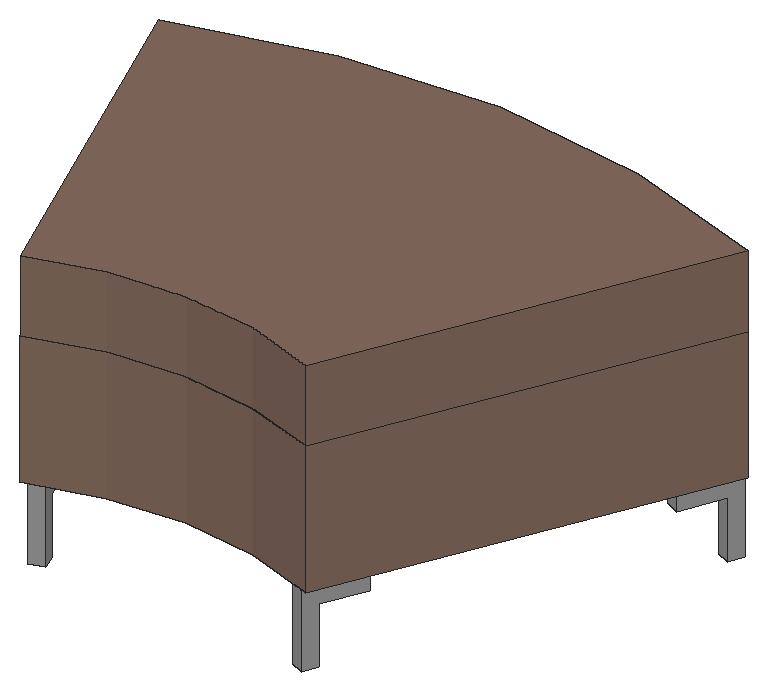
Revit family "Furniture_Chair_Abaco 761", category Furniture, Revit 2019
Family settings
  OmniClass Number = 23.21.23.15.17
  Work Plane-Based = Yes
  Always vertical = No
  Cut with Voids When Loaded = No
  Shared = No
  Room Calculation Point = No
Parameters (values of type "ABACO 761")
  Youtube clip = ""
  Uniformat II Description = "Movable Furnishings"
  Uniformat II Code = ""
  Uniclass 2015 Name = ""
  Uniclass 2015 Code = ""
  Uniclass 2.0 Description = ""
  Uniclass 2.0 Code = ""
  Uniclass 1.4 Description = ""
  Uniclass 1.4 Code = ""
  UNSPSC Code = ""
  Technical description = ""
  Shell Material = Leather - Percentage AK016
  Frame Material = Titanium
  Region South America = "All"
  Region Oceania = "All"
  Region North America = "All"
  Region Middle East = "All"
  Region Europe = "All"
  Region Asia = "All"
  Region Antarctica = "All"
  Region Africa = "All"
  QR code = "https://www.sandlerseating.com/product/abaco-761/"
  Product url = "https://www.sandlerseating.com/product/abaco-761/"
  Product name = "ABACO 761"
  Product group = "Chair"
  Product family = "Furniture"
  Product data url = "https://www.sandlerseating.com/product/abaco-761/"
  Product certification = ""
  Product SKU = "??"
  Product Guid = "??"
  OmniClass Description = ""
  OmniClass Code = "23-21 23 15 17"
  NBS Reference Description = ""
  NBS Reference Code = ""
  Model = "ABACO 761"
  Masterformat 2014 Description = "Chair Mats"
  Masterformat 2014 Code = "12 48 43.13"
  Manufacturer name = "Sandler"
  Manufacturer country = "USA"
  Manufacturer = "Sandler"
  Installation instructions = ""
  IFC Classification = "Furnishing Element"
  GTIN code = ""
  Edition number = 1
  Design country = "Brasil"
  Description = "Chair"
  Default Elevation = 0.000 mm
  Date of publishing = ""
  COBIe Type Category = ""
  Brand url = "https://www.sandlerseating.com/"
  Back Material = Leather - Goldhawk MLF31
  BIMobject main category code = "furniture"
  BIMobject main category = "Furniture"
  BIMobject category code = "furniture-chair"
  BIMobject category = "Chair"
Reference planes
  plane 1 "Center Front/Back": y = 0
  plane 2: z = 0
  plane 3 "Center Left/Right": x = 0
  plane 4: x = -350
  plane 5: x = 350
Forms (mm)
  Extrusion 1, solid, material "Titanium" <- "Frame Material"
    sketch origin (-50.26, 46.978, 0) x (-0.390731, 0.920505, 0) y (0, 0, -1)
      loop
        line (-300, -121.004) -> (-200, -121.004) -> (-200, -95) -> (-275, -95) -> (-275, 0) -> (-300, 0) -> (-300, -121.004)
    from 300 to 325
  Extrusion 2, solid, material "Titanium" <- "Frame Material"
    sketch origin (-75.887, 92.712, 0) x (0.390731, -0.920505, 0) y (0, 0, 1)
      loop
        line (-300, 121.004) -> (-300, 0) -> (-275, 0) -> (-275, 95) -> (-200, 95) -> (-200, 121.004) -> (-300, 121.004)
    from 300 to 325
  Extrusion 3, solid, material "Leather - Percentage AK016" <- "Shell Material"
    sketch origin (0, 0, 0) x (1, 0, 0) y (0, 1, 0)
      loop
        arc (-241.414, -360.058) -> (-5, -310.075) -> (232.204, -356.161) r 607.768
        line (232.204, -356.161) -> (492.27, 241.875)
        arc (492.27, 241.875) -> (0, 338.107) -> (-492.27, 241.875) r 1307.219
        line (-492.27, 241.875) -> (-241.414, -360.058)
    from 121.004 to 340
  Extrusion 4, solid, material "Titanium" <- "Frame Material"
    sketch origin (43.663, 46.978, 0) x (0.390731, 0.920505, 0) y (0, 0, 1)
      loop
        line (-300, 121.004) -> (-300, 0) -> (-275, 0) -> (-275, 95) -> (-200, 95) -> (-200, 121.004) -> (-300, 121.004)
    from 300 to 325
  Extrusion 5, solid, material "Titanium" <- "Frame Material"
    sketch origin (69.29, 92.712, 0) x (-0.390731, -0.920505, 0) y (0, 0, -1)
      loop
        line (-300, -121.004) -> (-200, -121.004) -> (-200, -95) -> (-275, -95) -> (-275, 0) -> (-300, 0) -> (-300, -121.004)
    from 300 to 325
  Extrusion 6, solid, material "Leather - Percentage AK016" <- "Shell Material"
    sketch origin (0, 0, 260) x (1, 0, 0) y (0, 1, 0)
      loop
        arc (-241.414, -360.058) -> (-5, -310.075) -> (232.204, -356.161) r 607.768
        line (232.204, -356.161) -> (492.27, 241.875)
        arc (492.27, 241.875) -> (0, 338.107) -> (-492.27, 241.875) r 1307.219
        line (-492.27, 241.875) -> (-241.414, -360.058)
    from 80 to 200
Dimensions and locks
  aligned and locked: level to plane 2
